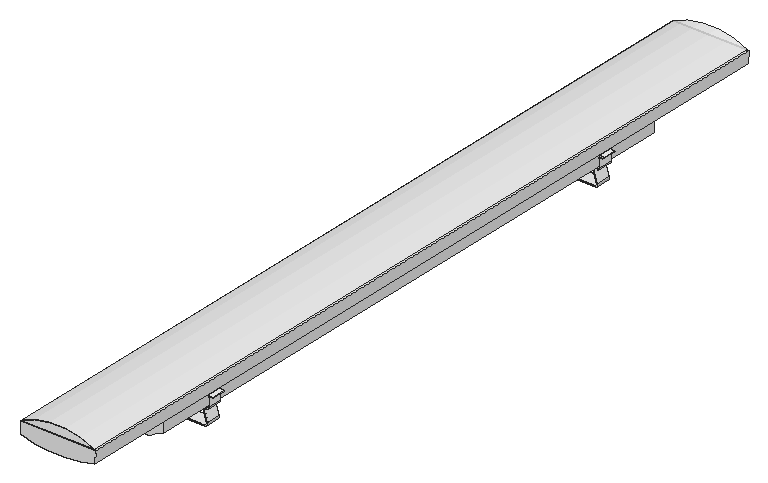
Revit family "Lighting-Industrial-GEWISS-SMART[3]-WATERTIGHT-LED_TRASPARENT_1200mm", category Apparecchi per illuminazione, host Superficie, Revit 2019
Family settings
  Host = Superficie
  Quota connettore circolare = Usa diametro
  Tipo di parte = Normale
  Taglio con vuoti quando caricato = No
  Sorgente d'illuminazione = No
  Condiviso = No
  Punto di calcolo locali = Sì
Parameters (values of type "GWS3236TL - SMART3 LED 1200 2X36 TRANSP.QW")
  Working temperature = "-25 +50 °C"
  Weight (kg): = "2"
  Warranty = "5 years"
  Voltage = "220/240 V - 50/60 Hz - Stand alone"
  Version file RFA = "20.11"
  URL = "https://www.gewiss.com/ww/en"
  Typology = "Stand alone"
  Type of light source = "LED - Not replaceable"
  Technical sheet = "https://www.gewiss.com/ww/en/search?q=GWS3236TL"
  System power = "40W"
  Struttura = GEWISS - SMART 3 - GRIGIO
  Stampa 1_200 = no
  Stampa 1_100 = not(Stampa 1_200)  # yes
  Spostamento_Y_etichetta [instance] = 0 mm
  Spostamento_Y_effettivo_etichetta [instance] = 1500 mm - Spostamento_Y_etichetta  # 1500 mm
  Spostamento_X_etichetta [instance] = 0 mm
  Spostamento_X_effettivo_etichetta [instance] = 1500 mm - Spostamento_X_etichetta  # 1500 mm
  Shock resistance = "IK08"
  Shield type = "Transparent"
  Schermo = Gewiss - Led Acceso
  SEO = "Luminaire"
  Realized by GEWISS S.p.A. = ""
  Default Elevation = 1219.2 mm
  Produttore = "GEWISS S.p.A."
  Operating temperature: = "-30 +50 °C"
  Nominal flux (lm) = "5500"
  No. LED (#) = "63"
  Modello = "GWS3236TL"
  Lunghezza Lampada = 1200 mm  # constant formula
  Lumen output (lm) = "4900"
  Length = "1200 mm"
  Lampada = "LED"
  Lamp = "LED"
  LED LifeTime (L80B20) = "85000H"
  LED Life time (L80B50) = "100000H"
  LED Life time (L70) = "80000H"
  LED Life Time (L90B50) = "50000H"
  Insulation class = "II"
  Immagine tipo = GWS3136T.jpg
  IP degree = "IP66/IP69"
  IFC.TypeObject = ""
  IFC.ExportType = ""
  IFC.ExportAs = ""
  IDT = "e9f9df53-c11c-4f09-88fd-a725bd6bd6c1"
  IDF = "77bbed79-27d6-4dad-8951-2ae6e719d81a"
  Glow Wire Test = "850°C"
  Ganci = GEWISS  - ALLUMINIO
  Failure rate apparecchio (50.000h, Tq=25Â° C) = "<2,5%"
  Failure rate apparecchio (35.000h, Tq=35Â° C) = "<2,5%"
  Electrocod = "2434"
  Efficiency class of integrated LEDs = "A ÷ A++"
  EAN code = "8011564876064"
  Driver type = "Constant Current Driver Led"
  Device with reduced surface temperature = "Complying"
  Descrizione = "SMART3 1200 63LED TRASP LP"
  Colour temperature: = "4000 K (CRI 80)"
  Colour temperature = "4000 K (CRI 80)"
  Catalogue Range = "SMART [3]"
  Catalogue = "LIGHTING"
  COBie.Tagnumber = ""
  COBie.CreatedOn = ""
  COBie.CreatebBy = ""
  COBie.ComponentRegisterItemID = ""
  COBie.Component.TagNumber = ""
  COBie.Component.Space = ""
  COBie.Component.SerialNumber = ""
  COBie.Component.InstallationDate = ""
  COBie.Component.Description = ""
  COBie.Component.BarCode = ""
  Application = "Internal"
Types (17, lengths in mm): name | Voltage | Typology | Technical sheet | System power | Shield type | Nominal flux (lm) | No. LED (#) | Modello | Lumen output (lm) | IDT | EAN code | Descrizione | Colour temperature: | Colour temperature
  (no name) | "220/240 V - 50/60 Hz - Stand alone" | "Stand alone" | "https://www.gewiss.com/ww/en/search?q=GWS3236TL" | "40W" | "Transparent" | "5500" | "63" | "GWS3236TL" | "4900" | "e9f9df53-c11c-4f09-88fd-a725bd6bd6c1" | "8011564876064" | "SMART3 1200 63LED TRASP LP" | "4000 K (CRI 80)" | "4000 K (CRI 80)"
  GWS3136T - SMART3 LED 1200 1X36 TRASPAR. | "220/240 V - 50/60 Hz - Stand alone" | "Stand alone" | "https://www.gewiss.com/ww/en/search?q=GWS3136T" | "20W" | "Transparent" | "2900" | "54" | "GWS3136T" | "2500" | "c7da0a95-7072-4c13-8cfc-e9284cee8c7c" | "8011564857476" | "SMART3 1200 54LED TRANSP" | "4000 K (CRI 80)" | "4000 K (CRI 80)"
  GWS3236T - SMART3 LED 1200 2X36 TRANSP. | "220/240 V - 50/60 Hz - Stand alone" | "Stand alone" | "https://www.gewiss.com/ww/en/search?q=GWS3236T" | "40W" | "Transparent" | "5500" | "63" | "GWS3236T" | "4900" | "34704f00-dfe0-4f63-a4dd-d1448ba50669" | "8011564857506" | "SMART3 1200 63LED TRASP" | "4000 K (CRI 80)" | "4000 K (CRI 80)"
  GWS3236T30K - SMART3 LED 1200 2X36 TRASPAR.30K | "220/240 V - 50/60 Hz - Stand alone" | "Stand alone" | "https://www.gewiss.com/ww/en/search?q=GWS3236T30K" | "40W" | "Transparent" | "5300" | "63" | "GWS3236T30K" | "4600" | "e57574bd-f72b-41f3-b2f4-79952d9f6421" | "8011564872554" | "SMART3 1200 63LED TRANSP 30K" | "3000 K (CRI 80)" | "3000 K (CRI 80)"
  GWS3236T57K - SMART3 LED 1200 2X36 TRANSP.57K | "220/240 V - 50/60 Hz - Stand alone" | "Stand alone" | "https://www.gewiss.com/ww/en/search?q=GWS3236T57K" | "40W" | "Transparent" | "5500" | "63" | "GWS3236T57K" | "4900" | "94af3450-b907-4b56-9b4d-46299644aea6" | "8011564872356" | "SMART3 1200 63LED TRANSP 57K" | "5700 K (CRI 80)" | "5700 K (CRI 80)"
  GWS3136TD - SMART3 LED 1200 1X36 TRASPAR.DALI | "220/240 V - 50/60 Hz - Dali" | "DALI" | "https://www.gewiss.com/ww/en/search?q=GWS3136TD" | "21W" | "Transparent" | "2900" | "54" | "GWS3136TD" | "2500" | "ba99643d-a04f-4097-b23a-dd97667ef1b6" | "8011564869134" | "SMART3 1200 54LED TRANSP DALI" | "4000 K (CRI 80)" | "4000 K (CRI 80)"
  GWS3136TL - SMART3 LED 1200 1X36 TRANSP.QW | "220/240 V - 50/60 Hz - Stand alone" | "Stand alone" | "https://www.gewiss.com/ww/en/search?q=GWS3136TL" | "20W" | "Transparentl with feed-through wiring" | "2900" | "54" | "GWS3136TL" | "2500" | "3644d704-1809-4b3e-9ec4-9d9853727bd6" | "8011564876040" | "SMART3 1200 54LED TRANSP LP" | "4000 K (CRI 80)" | "4000 K (CRI 80)"
  GWS3136TLD - SMART3 LED 1200 1X36 TRASPAR.DALI LP | "220/240 V - 50/60 Hz - Dali" | "DALI" | "https://www.gewiss.com/ww/en/search?q=GWS3136TLD" | "21W" | "Transparent" | "2900" | "54" | "GWS3136TLD" | "2500" | "f830101b-9d3a-45b3-99e6-6ad26bff28be" | "8011564876880" | "SMART3 1200 54LED TRASP DALI LP" | "4000 K (CRI 80)" | "4000 K (CRI 80)"
  GWS3236TD - SMART3 LED 1200 2X36 TRASPAR.DALI | "220/240 V - 50/60 Hz - Dali" | "DALI" | "https://www.gewiss.com/ww/en/search?q=GWS3236TD" | "40W" | "Transparent" | "5500" | "63" | "GWS3236TD" | "4900" | "5f0f5a55-e0f2-4b9d-8914-1beed5bd0921" | "8011564869165" | "SMART3 1200 63LED TRASP DALI" | "4000 K (CRI 80)" | "4000 K (CRI 80)"
  GWS3236TD30K - SMART3 LED 1200 2X36 TRASPAR.DALI 30K | "220/240 V - 50/60 Hz - Dali" | "DALI" | "https://www.gewiss.com/ww/en/search?q=GWS3236TD30K" | "40W" | "Transparent" | "5300" | "63" | "GWS3236TD30K" | "4600" | "ec978ee9-b488-4a38-8f58-92e86c7b8e83" | "8011564877108" | "SMART3 1200 63LED TRANSP DALI 30K" | "3000 K (CRI 80)" | "3000 K (CRI 80)"
  GWS3236TD57K - SMART3 LED 1200 2X36 TRASPAR.DALI 57K | "220/240 V - 50/60 Hz - Dali" | "DALI" | "https://www.gewiss.com/ww/en/search?q=GWS3236TD57K" | "40W" | "Transparent" | "5500" | "63" | "GWS3236TD57K" | "4900" | "cce50a4b-ce5f-4ac0-b161-79695a145268" | "8011564877115" | "SMART3 1200 63LED TRANSP DALI 57K" | "5700 K (CRI 80)" | "5700 K (CRI 80)"
  GWS3236TL - SMART3 LED 1200 2X36 TRANSP.QW | "220/240 V - 50/60 Hz - Stand alone" | "Stand alone" | "https://www.gewiss.com/ww/en/search?q=GWS3236TL" | "40W" | "Transparent" | "5500" | "63" | "GWS3236TL" | "4900" | "e9f9df53-c11c-4f09-88fd-a725bd6bd6c1" | "8011564876064" | "SMART3 1200 63LED TRASP LP" | "4000 K (CRI 80)" | "4000 K (CRI 80)"
  GWS3236TL30K - SMART3 LED 1200 2X36 TRASPAR.30K LP | "220/240 V - 50/60 Hz - Stand alone" | "Stand alone" | "https://www.gewiss.com/ww/en/search?q=GWS3236TL30K" | "40W" | "Transparent" | "5300" | "63" | "GWS3236TL30K" | "4600" | "d3185484-aa10-48a8-8ee9-65358de51d6a" | "8011564877122" | "SMART3 1200 63LED TRASP 30K LP" | "3000 K (CRI 80)" | "3000 K (CRI 80)"
  GWS3236TL57K - SMART3 LED 1200 2X36 TRANSP.57K QW | "220/240 V - 50/60 Hz - Stand alone" | "Stand alone" | "https://www.gewiss.com/ww/en/search?q=GWS3236TL57K" | "40W" | "Transparent" | "5500" | "63" | "GWS3236TL57K" | "4900" | "13636378-fbb5-44ba-998c-b77c259b3429" | "8011564877139" | "SMART3 1200 63LED TRASP 57K LP" | "5700 K (CRI 80)" | "5700 K (CRI 80)"
  GWS3236TLD - SMART3 LED 1200 2X36 TRASPAR.DALI LP | "220/240 V - 50/60 Hz - Dali" | "DALI" | "https://www.gewiss.com/ww/en/search?q=GWS3236TLD" | "40W" | "Transparent" | "5500" | "63" | "GWS3236TLD" | "4900" | "56a3d7f8-7a6c-4195-9f69-1fa2a4150789" | "8011564877146" | "SMART3 1200 63LED TRASP DALI LP" | "4000 K (CRI 80)" | "4000 K (CRI 80)"
  GWS3236TLD30K - SMART3 LED 1200 2X36 TRASPAR.DALI 30K LP | "220/240 V - 50/60 Hz - Dali" | "DALI" | "https://www.gewiss.com/ww/en/search?q=GWS3236TLD30K" | "40W" | "Transparent" | "5300" | "63" | "GWS3236TLD30K" | "4600" | "02e8efd2-443d-498f-9d84-c91beefd9001" | "8011564877153" | "SMART3 1200 63LED TRASP DALI 30K LP" | "3000 K (CRI 80)" | "3000 K (CRI 80)"
  GWS3236TLD57K - SMART3 LED 1200 2X36 TRANSP.DALI 57K QW | "220/240 V - 50/60 Hz - Dali" | "DALI" | "https://www.gewiss.com/ww/en/search?q=GWS3236TLD57K" | "40W" | "Transparent" | "5500" | "63" | "GWS3236TLD57K" | "4900" | "e15e7b22-c705-4d57-b7f1-e821b9625ba3" | "8011564877160" | "SMART3 1200 63LED TRASP DALI 57K LP" | "5700 K (CRI 80)" | "5700 K (CRI 80)"
Reference planes
  plane 1 "Centro (Fronte/Retro)": y = 0
  plane 2: z = 0
  plane 3 "Centro (Sinistra/Destra)": x = 0
  plane 4: x = -1500
  plane 5: y = -1500
  plane 6: x = 0
  plane 7: y = 0
Forms (mm)
  Extrusion 1, solid, material "GEWISS  - ALLUMINIO" <- "Ganci", detail levels medium+fine
    sketch origin (0, 0, 0) x (1, 0, 0) y (0, 0, 1)
      loop
        arc (31.431, -0.002) -> (34.576, 1.589) -> (35.156, 5.066) r 3.903
        line (35.156, 5.066) -> (29.612, 23.211)
        arc (29.612, 23.211) -> (29.883, 24.381) -> (31.032, 24.73) r 1.2
        line (31.032, 24.73) -> (34.307, 23.974)
        arc (34.307, 23.974) -> (36.765, 24.53) -> (37.859, 26.8) r 2.9
        line (37.859, 26.8) -> (37.859, 38.8)
        arc (37.859, 38.8) -> (37.648, 39.694) -> (37.059, 40.4) r 2
        line (37.059, 40.4) -> (37.059, 42.71) -> (42.861, 40.598) -> (43.203, 41.538) -> (37.53, 43.603)
        arc (37.53, 43.603) -> (37.019, 43.613) -> (36.605, 43.311) r 0.8
        line (36.605, 43.311) -> (36.306, 26.139)
        arc (36.306, 26.139) -> (35.6, 25.444) -> (34.616, 25.34) r 1.5
        line (34.616, 25.34) -> (31.344, 26.095)
        arc (31.344, 26.095) -> (28.858, 25.335) -> (28.273, 22.802) r 2.6
        line (28.273, 22.802) -> (33.827, 4.636)
        arc (33.827, 4.636) -> (33.449, 2.415) -> (31.438, 1.4) r 2.5
        line (31.438, 1.4) -> (-31.437, 1.4)
        arc (-31.437, 1.4) -> (-33.449, 2.415) -> (-33.827, 4.636) r 2.5
        line (-33.827, 4.636) -> (-28.273, 22.802)
        arc (-28.273, 22.802) -> (-28.858, 25.335) -> (-31.344, 26.095) r 2.6
        line (-31.344, 26.095) -> (-34.616, 25.34)
        arc (-34.616, 25.34) -> (-35.6, 25.444) -> (-36.306, 26.139) r 1.5
        line (-36.306, 26.139) -> (-36.605, 43.311)
        arc (-36.605, 43.311) -> (-37.019, 43.613) -> (-37.53, 43.603) r 0.8
        line (-37.53, 43.603) -> (-43.203, 41.538) -> (-42.861, 40.598) -> (-37.059, 42.71) -> (-37.059, 40.4)
        arc (-37.059, 40.4) -> (-37.648, 39.694) -> (-37.859, 38.8) r 2
        line (-37.859, 38.8) -> (-37.859, 26.8)
        arc (-37.859, 26.8) -> (-36.765, 24.53) -> (-34.307, 23.974) r 2.9
        line (-34.307, 23.974) -> (-31.032, 24.73)
        arc (-31.032, 24.73) -> (-29.883, 24.381) -> (-29.612, 23.211) r 1.2
        line (-29.612, 23.211) -> (-35.156, 5.066)
        arc (-35.156, 5.066) -> (-34.576, 1.589) -> (-31.431, -0.002) r 3.903
        line (-31.431, -0.002) -> (31.431, -0.002)
    from 348.766 to 368.766
  Extrusion 2, solid, material "GEWISS  - ALLUMINIO" <- "Ganci", detail levels medium+fine
    sketch origin (0, 0, 0) x (1, 0, 0) y (0, 0, -1)
      loop
        line (31.431, 0.002) -> (-31.431, 0.002)
        arc (-31.431, 0.002) -> (-34.576, -1.589) -> (-35.156, -5.066) r 3.903
        line (-35.156, -5.066) -> (-29.612, -23.211)
        arc (-29.612, -23.211) -> (-29.883, -24.381) -> (-31.032, -24.73) r 1.2
        line (-31.032, -24.73) -> (-34.307, -23.974)
        arc (-34.307, -23.974) -> (-36.765, -24.53) -> (-37.859, -26.8) r 2.9
        line (-37.859, -26.8) -> (-37.859, -38.8)
        arc (-37.859, -38.8) -> (-37.648, -39.694) -> (-37.059, -40.4) r 2
        line (-37.059, -40.4) -> (-37.059, -42.71) -> (-42.861, -40.598) -> (-43.203, -41.538) -> (-37.53, -43.603)
        arc (-37.53, -43.603) -> (-37.019, -43.613) -> (-36.605, -43.311) r 0.8
        line (-36.605, -43.311) -> (-36.306, -26.139)
        arc (-36.306, -26.139) -> (-35.6, -25.444) -> (-34.616, -25.34) r 1.5
        line (-34.616, -25.34) -> (-31.344, -26.095)
        arc (-31.344, -26.095) -> (-28.858, -25.335) -> (-28.273, -22.802) r 2.6
        line (-28.273, -22.802) -> (-33.827, -4.636)
        arc (-33.827, -4.636) -> (-33.449, -2.415) -> (-31.437, -1.4) r 2.5
        line (-31.437, -1.4) -> (31.438, -1.4)
        arc (31.438, -1.4) -> (33.449, -2.415) -> (33.827, -4.636) r 2.5
        line (33.827, -4.636) -> (28.273, -22.802)
        arc (28.273, -22.802) -> (28.858, -25.335) -> (31.344, -26.095) r 2.6
        line (31.344, -26.095) -> (34.616, -25.34)
        arc (34.616, -25.34) -> (35.6, -25.444) -> (36.306, -26.139) r 1.5
        line (36.306, -26.139) -> (36.605, -43.311)
        arc (36.605, -43.311) -> (37.019, -43.613) -> (37.53, -43.603) r 0.8
        line (37.53, -43.603) -> (43.203, -41.538) -> (42.861, -40.598) -> (37.059, -42.71) -> (37.059, -40.4)
        arc (37.059, -40.4) -> (37.648, -39.694) -> (37.859, -38.8) r 2
        line (37.859, -38.8) -> (37.859, -26.8)
        arc (37.859, -26.8) -> (36.765, -24.53) -> (34.307, -23.974) r 2.9
        line (34.307, -23.974) -> (31.032, -24.73)
        arc (31.032, -24.73) -> (29.883, -24.381) -> (29.612, -23.211) r 1.2
        line (29.612, -23.211) -> (35.156, -5.066)
        arc (35.156, -5.066) -> (34.576, -1.589) -> (31.431, 0.002) r 3.903
    from 348.766 to 368.766
  Extrusion 3, solid, material "GEWISS - SMART 3 - GRIGIO" <- "Struttura", detail levels medium+fine
    sketch origin (0, 0, 0) x (1, 0, 0) y (0, 0, 1)
      loop
        line (-36.331, 55.757) -> (-35.847, 28.018)
        arc (-35.847, 28.018) -> (-33.139, 27.27) -> (-30.416, 26.58) r 129.5
        arc (-30.416, 26.58) -> (-28.066, 25.76) -> (-25.915, 24.506) r 13
        arc (-25.915, 24.506) -> (-24.23, 23.324) -> (-22.521, 22.178) r 99.5
        arc (-22.521, 22.178) -> (-16.401, 19.063) -> (-9.748, 17.365) r 31.146
        line (-9.748, 17.365) -> (12.491, 17.365)
        arc (12.491, 17.365) -> (17.822, 19.098) -> (22.764, 21.745) r 31.646
        arc (22.764, 21.745) -> (24.509, 22.915) -> (26.228, 24.122) r 100
        arc (26.228, 24.122) -> (28.283, 25.313) -> (30.525, 26.095) r 12.5
        arc (30.525, 26.095) -> (33.437, 26.834) -> (36.332, 27.64) r 130
        line (36.332, 27.64) -> (36.824, 55.851)
        arc (36.824, 55.851) -> (24.914, 53.937) -> (12.909, 52.764) r 195.047
        line (12.909, 52.764) -> (-12.909, 52.764)
        arc (-12.909, 52.764) -> (-24.665, 53.905) -> (-36.331, 55.757) r 195.047
    from -450 to 450
  Extrusion 4, solid, material "GEWISS - SMART 3 - GRIGIO" <- "Struttura", detail levels medium+fine
    sketch origin (0, 0, 0) x (1, 0, 0) y (0, 0, 1)
      loop
        line (54.725, 60.184) -> (55.177, 77.445) -> (-55.177, 77.445) -> (-54.725, 60.184)
        arc (-54.725, 60.184) -> (-34.019, 55.332) -> (-12.909, 52.764) r 195.047
        line (-12.909, 52.764) -> (12.909, 52.764)
        arc (12.909, 52.764) -> (34.019, 55.332) -> (54.725, 60.184) r 195.047
    from -600 to 600
  Extrusion 5, solid, material "Gewiss - Led Acceso" <- "Schermo", detail levels medium+fine
    sketch origin (0, 0, 0) x (1, 0, 0) y (0, 0, 1)
      loop
        arc (54.697, 78.441) -> (-0.014, 90.457) -> (-54.723, 78.429) r 130.5
        arc (-54.723, 78.429) -> (-54.988, 77.838) -> (-54.5, 77.445) r 0.5
        line (-54.5, 77.445) -> (54.479, 77.445)
        arc (54.479, 77.445) -> (54.988, 77.855) -> (54.697, 78.441) r 0.522
    from -600 to 600
  Extrusion 6, solid, material "GEWISS - SMART 3 - GRIGIO" <- "Struttura", detail levels coarse
    sketch origin (0, 0, 0) x (1, 0, 0) y (0, 0, 1)
      loop
        line (-54.5, 90.439) -> (-54.5, 0) -> (54.5, 0) -> (54.5, 90.439) -> (-54.5, 90.439)
    from -600 to 600
Lines and regions (mm)
  Masking region 1
    outline origin (0, 0, 0) x (1, 0, 0) y (0, 1, 0)
      loop
        line (-55.177, 600) -> (-55.177, -600) -> (55.177, -600) -> (55.177, 600) -> (-55.177, 600)
  symbolic lines, style "GEWISS - LIGHT 2D"
    curve 1: line (0, 488.766, 0) -> (0, -491.234, 0)
Dimensions and locks
  plane 4 to plane 3 "Centro (Sinistra/Destra)" = 1500 mm
  "Spostamento_X_effettivo_etichetta": plane 4 to plane 6
  plane 1 "Centro (Fronte/Retro)" to plane 5 = 1500 mm
  "Spostamento_Y_effettivo_etichetta": plane 7 to plane 5
  aligned and locked: plane 2 to host face
  aligned and locked: level to host face
  aligned and locked: Masking region 1 sketch curve to Extrusion 4  (x4)
  aligned and locked: plane 6 to nested 1
  aligned and locked: nested 1 to plane 7
  aligned and locked: curve 1 to plane 3 "Centro (Sinistra/Destra)"
Automatic sketch dimensions
  host sketch curve to host sketch curve = 2438.4 mm  (x2)
  Extrusion 1 sketch curve to Extrusion 1 sketch curve = 0 mm  (x28)
  Extrusion 1 sketch curve to plane 3 "Centro (Sinistra/Destra)" = 43.203 mm
  level to Extrusion 1 sketch curve = 40.598 mm
  Extrusion 1 sketch curve to Extrusion 1 sketch curve = 0.342 mm  (x2)
  Extrusion 1 sketch curve to Extrusion 1 sketch curve = 5.002 mm  (x2)
  Extrusion 1 sketch curve to Extrusion 1 sketch curve = 0.329 mm
  Extrusion 1 sketch curve to Extrusion 1 sketch curve = 0.271 mm  (x2)
  Extrusion 1 sketch curve to Extrusion 1 sketch curve = 0.8 mm  (x2)
  Extrusion 1 sketch curve to Extrusion 1 sketch curve = 0.454 mm  (x2)
  Extrusion 1 sketch curve to Extrusion 1 sketch curve = 1.554 mm
  Extrusion 1 sketch curve to Extrusion 1 sketch curve = 2 mm
  level to Extrusion 1 sketch curve = 5.066 mm  (x2)
  Extrusion 1 sketch curve to Extrusion 1 sketch curve = 1.15 mm
  Extrusion 1 sketch curve to Extrusion 1 sketch curve = 1.346 mm  (x2)
  Extrusion 1 sketch curve to Extrusion 1 sketch curve = 0.343 mm  (x2)
  level to Extrusion 1 sketch curve = 4.636 mm  (x2)
  Extrusion 1 sketch curve to Extrusion 1 sketch curve = 1.329 mm  (x2)
  level to Extrusion 1 sketch curve = 1.4 mm
  Extrusion 1 sketch curve to Extrusion 1 sketch curve = 2.389 mm  (x2)
  Extrusion 1 sketch curve to Extrusion 1 sketch curve = 0.007 mm  (x2)
  Extrusion 1 sketch curve to Extrusion 1 sketch curve = 3.584 mm  (x2)
  Extrusion 1 sketch curve to Extrusion 1 sketch curve = 0.273 mm  (x2)
  plane 3 "Centro (Sinistra/Destra)" to Extrusion 1 sketch curve = 30.759 mm
  Extrusion 1 sketch curve to level = 0.002 mm
  Extrusion 1 sketch curve to Extrusion 1 sketch curve = 0.672 mm
  Extrusion 1 sketch curve to Extrusion 1 sketch curve = 0.9 mm
  level to Extrusion 1 sketch curve = 26.139 mm
  Extrusion 1 sketch curve to Extrusion 1 sketch curve = 0.746 mm
  Extrusion 1 sketch curve to Extrusion 1 sketch curve = 0.2 mm
  Extrusion 1 sketch curve to Extrusion 1 sketch curve = 2.577 mm
  Extrusion 1 sketch curve to Extrusion 1 sketch curve = 18.496 mm
  Extrusion 1 sketch curve to Extrusion 1 sketch curve = 1.169 mm  (x2)
  Extrusion 1 sketch curve to Extrusion 1 sketch curve = 0.799 mm  (x2)
  Extrusion 1 sketch curve to Extrusion 1 sketch curve = 0.609 mm
  Extrusion 1 sketch curve to Extrusion 1 sketch curve = 1.798 mm  (x2)
  Extrusion 1 sketch curve to Extrusion 1 sketch curve = 12 mm
  Extrusion 1 sketch curve to Extrusion 1 sketch curve = 0.94 mm  (x2)
  Extrusion 1 sketch curve to Extrusion 1 sketch curve = 0.14 mm  (x2)
  Extrusion 1 sketch curve to Extrusion 1 sketch curve = 0.309 mm  (x2)
  Extrusion 1 sketch curve to Extrusion 1 sketch curve = 0.312 mm  (x2)
  Extrusion 1 sketch curve to Extrusion 1 sketch curve = 1.148 mm  (x2)
  Extrusion 1 sketch curve to Extrusion 1 sketch curve = 1.339 mm
  Extrusion 1 sketch curve to Extrusion 1 sketch curve = 2.486 mm
  Extrusion 1 sketch curve to Extrusion 1 sketch curve = 0.409 mm  (x2)
  Extrusion 2 sketch curve to Extrusion 2 sketch curve = 0 mm  (x28)
  Extrusion 2 sketch curve to plane 3 "Centro (Sinistra/Destra)" = 43.203 mm
  level to Extrusion 2 sketch curve = 40.598 mm
  Extrusion 2 sketch curve to Extrusion 2 sketch curve = 0.342 mm  (x2)
  Extrusion 2 sketch curve to Extrusion 2 sketch curve = 5.002 mm  (x2)
  Extrusion 2 sketch curve to Extrusion 2 sketch curve = 0.329 mm
  Extrusion 2 sketch curve to Extrusion 2 sketch curve = 0.271 mm  (x2)
  Extrusion 2 sketch curve to Extrusion 2 sketch curve = 0.8 mm  (x2)
  Extrusion 2 sketch curve to Extrusion 2 sketch curve = 0.454 mm  (x2)
  Extrusion 2 sketch curve to Extrusion 2 sketch curve = 1.554 mm
  Extrusion 2 sketch curve to Extrusion 2 sketch curve = 2 mm
  level to Extrusion 2 sketch curve = 5.066 mm  (x2)
  Extrusion 2 sketch curve to Extrusion 2 sketch curve = 1.15 mm
  Extrusion 2 sketch curve to Extrusion 2 sketch curve = 1.346 mm  (x2)
  Extrusion 2 sketch curve to Extrusion 2 sketch curve = 0.343 mm  (x2)
  level to Extrusion 2 sketch curve = 4.636 mm  (x2)
  Extrusion 2 sketch curve to Extrusion 2 sketch curve = 1.329 mm  (x2)
  level to Extrusion 2 sketch curve = 1.4 mm
  Extrusion 2 sketch curve to Extrusion 2 sketch curve = 2.389 mm  (x2)
  Extrusion 2 sketch curve to Extrusion 2 sketch curve = 0.007 mm  (x2)
  Extrusion 2 sketch curve to Extrusion 2 sketch curve = 3.584 mm  (x2)
  Extrusion 2 sketch curve to Extrusion 2 sketch curve = 0.273 mm  (x2)
  plane 3 "Centro (Sinistra/Destra)" to Extrusion 2 sketch curve = 30.759 mm
  Extrusion 2 sketch curve to level = 0.002 mm
  Extrusion 2 sketch curve to Extrusion 2 sketch curve = 0.672 mm
  Extrusion 2 sketch curve to Extrusion 2 sketch curve = 0.9 mm
  level to Extrusion 2 sketch curve = 26.139 mm
  Extrusion 2 sketch curve to Extrusion 2 sketch curve = 0.746 mm
  Extrusion 2 sketch curve to Extrusion 2 sketch curve = 0.2 mm
  Extrusion 2 sketch curve to Extrusion 2 sketch curve = 14.46 mm
  Extrusion 2 sketch curve to Extrusion 2 sketch curve = 0.94 mm  (x2)
  Extrusion 2 sketch curve to Extrusion 2 sketch curve = 0.14 mm  (x2)
  Extrusion 2 sketch curve to Extrusion 2 sketch curve = 2.31 mm  (x2)
  Extrusion 2 sketch curve to Extrusion 2 sketch curve = 12 mm
  Extrusion 2 sketch curve to Extrusion 2 sketch curve = 0.661 mm  (x2)
  Extrusion 2 sketch curve to Extrusion 2 sketch curve = 0.609 mm  (x2)
  Extrusion 2 sketch curve to Extrusion 2 sketch curve = 1.169 mm  (x2)
  Extrusion 2 sketch curve to Extrusion 2 sketch curve = 0.309 mm  (x2)
  Extrusion 2 sketch curve to Extrusion 2 sketch curve = 0.312 mm  (x2)
  Extrusion 2 sketch curve to Extrusion 2 sketch curve = 1.148 mm  (x2)
  Extrusion 2 sketch curve to Extrusion 2 sketch curve = 1.339 mm
  Extrusion 2 sketch curve to Extrusion 2 sketch curve = 2.486 mm
  Extrusion 2 sketch curve to Extrusion 2 sketch curve = 1.365 mm  (x2)
  Extrusion 3 sketch curve to plane 3 "Centro (Sinistra/Destra)" = 36.331 mm
  Extrusion 3 sketch curve to Extrusion 3 sketch curve = 0.484 mm
  Extrusion 3 sketch curve to Extrusion 3 sketch curve = 2.34 mm
  Extrusion 3 sketch curve to plane 3 "Centro (Sinistra/Destra)" = 32.068 mm
  Extrusion 3 sketch curve to plane 3 "Centro (Sinistra/Destra)" = 12.909 mm
  Extrusion 3 sketch curve to plane 3 "Centro (Sinistra/Destra)" = 9.748 mm
  Extrusion 3 sketch curve to plane 3 "Centro (Sinistra/Destra)" = 5.421 mm
  Extrusion 3 sketch curve to plane 3 "Centro (Sinistra/Destra)" = 0.057 mm
  Extrusion 3 sketch curve to plane 3 "Centro (Sinistra/Destra)" = 0.007 mm
  Extrusion 3 sketch curve to plane 3 "Centro (Sinistra/Destra)" = 0.001 mm
  plane 3 "Centro (Sinistra/Destra)" to Extrusion 3 sketch curve = 0.057 mm
  plane 3 "Centro (Sinistra/Destra)" to Extrusion 3 sketch curve = 5.412 mm
  plane 3 "Centro (Sinistra/Destra)" to Extrusion 3 sketch curve = 12.491 mm
  Extrusion 3 sketch curve to Extrusion 3 sketch curve = 7.496 mm
  plane 3 "Centro (Sinistra/Destra)" to Extrusion 3 sketch curve = 32.059 mm
  Extrusion 3 sketch curve to Extrusion 3 sketch curve = 21.008 mm
  Extrusion 3 sketch curve to Extrusion 3 sketch curve = 2.833 mm
  Extrusion 3 sketch curve to Extrusion 3 sketch curve = 23.916 mm
  level to Extrusion 3 sketch curve = 13.953 mm  (x2)
  level to Extrusion 3 sketch curve = 17.365 mm  (x2)
  Extrusion 3 sketch curve to Extrusion 3 sketch curve = 13.687 mm
  Extrusion 3 sketch curve to Extrusion 3 sketch curve = 14.064 mm
  Extrusion 3 sketch curve to Extrusion 3 sketch curve = 30.844 mm
  Extrusion 3 sketch curve to Extrusion 3 sketch curve = 0 mm  (x3)
  Extrusion 3 sketch curve to Extrusion 3 sketch curve = 4.555 mm
  Extrusion 3 sketch curve to Extrusion 3 sketch curve = 2.993 mm
  Extrusion 3 sketch curve to Extrusion 3 sketch curve = 3.087 mm
  Extrusion 3 sketch curve to Extrusion 3 sketch curve = 49.52 mm
  Extrusion 3 sketch curve to Extrusion 3 sketch curve = 49.615 mm
  Extrusion 3 sketch curve to Extrusion 3 sketch curve = 47.089 mm
  Extrusion 3 sketch curve to Extrusion 3 sketch curve = 5.431 mm
  Extrusion 3 sketch curve to Extrusion 3 sketch curve = 4.5 mm
  Extrusion 3 sketch curve to Extrusion 3 sketch curve = 10.273 mm
  Extrusion 3 sketch curve to Extrusion 3 sketch curve = 3.465 mm
  Extrusion 3 sketch curve to Extrusion 3 sketch curve = 4.297 mm
  Extrusion 4 sketch curve to plane 3 "Centro (Sinistra/Destra)" = 55.177 mm
  Extrusion 4 sketch curve to Extrusion 4 sketch curve = 0.452 mm  (x2)
  Extrusion 4 sketch curve to plane 3 "Centro (Sinistra/Destra)" = 12.909 mm
  Extrusion 4 sketch curve to plane 3 "Centro (Sinistra/Destra)" = 0.057 mm
  plane 3 "Centro (Sinistra/Destra)" to Extrusion 4 sketch curve = 0.057 mm
  plane 3 "Centro (Sinistra/Destra)" to Extrusion 4 sketch curve = 12.909 mm
  Extrusion 4 sketch curve to Extrusion 4 sketch curve = 41.816 mm
  level to Extrusion 4 sketch curve = 52.764 mm
  Extrusion 4 sketch curve to Extrusion 4 sketch curve = 7.42 mm  (x2)
  Extrusion 4 sketch curve to Extrusion 4 sketch curve = 17.262 mm
  Extrusion 5 sketch curve to plane 3 "Centro (Sinistra/Destra)" = 0 mm
  Extrusion 5 sketch curve to plane 3 "Centro (Sinistra/Destra)" = 54.5 mm
  plane 3 "Centro (Sinistra/Destra)" to Extrusion 5 sketch curve = 54.479 mm
  Extrusion 5 sketch curve to level = 40.043 mm
  level to Extrusion 5 sketch curve = 77.445 mm
  Extrusion 5 sketch curve to Extrusion 5 sketch curve = 0.5 mm
  Extrusion 5 sketch curve to Extrusion 5 sketch curve = 0.522 mm
  Extrusion 5 sketch curve to Extrusion 5 sketch curve = 0.21 mm
  Extrusion 5 sketch curve to Extrusion 5 sketch curve = 0.014 mm
  Extrusion 5 sketch curve to Extrusion 5 sketch curve = 0 mm
  Extrusion 6 sketch curve to level = 0 mm
  Extrusion 6 sketch curve to plane 3 "Centro (Sinistra/Destra)" = 54.5 mm
  plane 3 "Centro (Sinistra/Destra)" to Extrusion 6 sketch curve = 54.5 mm
  Extrusion 6 sketch curve to Extrusion 6 sketch curve = 90.439 mm
  plane 1 "Centro (Fronte/Retro)" to curve 1 = 491.234 mm
  curve 1 to plane 1 "Centro (Fronte/Retro)" = 488.766 mm
Nested families
  nested 1: "ETICHETTA WATTAGGIO" at (0, 0, 0), type "ETICHETTA WATTAGGIO"
Definition of nested family "ETICHETTA WATTAGGIO"
  Parameters (values of type "ETICHETTA WATTAGGIO")
    GW - Potenza di sistema = ""
    GW - Numero LED = ""
    COMMENTI = "13W"
    1_200 = no
    1_100 = yes
  Reference planes
    plane 1: y = 0
    plane 2: x = 0
  Text (mm)
    label "GW - Potenza di sistema\nGW - Numero LED LED" at (-0.057, -0.214, 0), shows "GW - Potenza di sistema", "GW - Numero LED", visible <- "1_100"
    label "GW - Potenza di sistema\nGW - Numero LED LED " at (-0.057, -0.214, 0), shows "GW - Potenza di sistema", "GW - Numero LED", visible <- "1_200"
